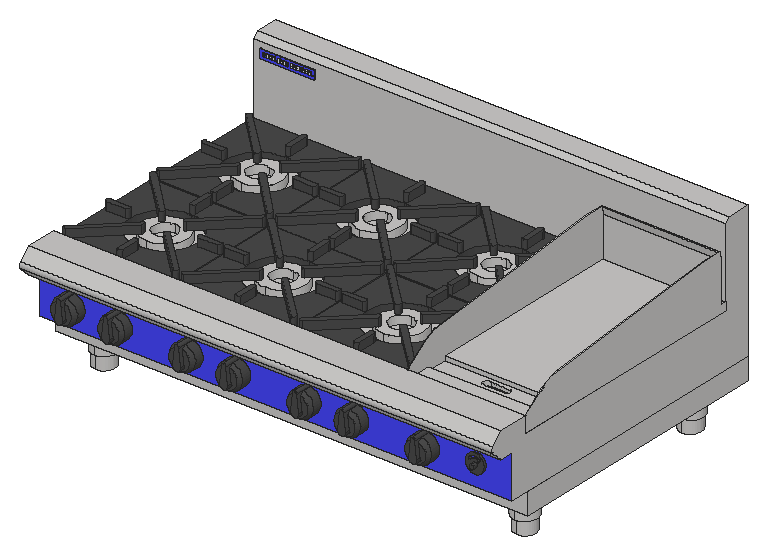
Revit family "QF_MOFFAT_BLUESEAL_CE_G518C-B", category Specialty Equipment, Revit 2012
Parameters
  Width = 1200 mm  # constant formula
  Weight in Pounds = 347  # constant formula
  URL Cutsheet = "www.moffat.com"
  URL = "www.moffat.com"
  Type Mark [instance] = ""
  Status [instance] = ""
  Specification by User [instance] = ""
  Specification by Manufacturer = ""
  Show Logo [instance] = yes
  Serial Number = ""
  Seismic Rating = ""
  SMACNA No = ""
  Revision Code [instance] = ""
  Omniclass Number and Title = ""
  NAFEM Spec ID Number = ""
  Model = "G518C-B"
  Mechanical Remarks [instance] = ""
  Mechanical Connection Type [instance] = ""
  Masterspec = ""
  Manufacturer = "MOFFAT BLUESEAL"
  Item Number [instance] = ""
  Installed By [instance] = ""
  Identify Quantity as Lot [instance] = yes
  Height = 485 mm  # constant formula
  Gas Size = 3/4"
  Gas RI Height [instance] = 0 mm
  Gas KW [instance] = 48
  Gas Input [instance] = 165000.0 Btu/h
  Gas Connection Height = 0 mm
  Furnished By [instance] = ""
  Foodservice Equipment Identifier [instance] = yes
  Description = "1200MM GAS COOK TOP BENCH MOUNT"
  Depth = 812 mm  # constant formula
  CSI MasterFormat = ""
  CSI Master Format = ""
Reference planes
  plane 1 "BACK": y = 0
  plane 2: z = 0
  plane 3 "LEFT": x = 0
  plane 4 "RIGHT": x = 1200
  plane 5 "FRONT": y = -812
  plane 6 "TOP": z = 370
  plane 7 "Center Y": x = 600
  plane 8 "Center X": y = -406
  plane 9: z = 485
  plane 10: z = 315
Forms (mm)
  Revolve 1, solid, material "QF_Finishes_Stainless Steel"
    sketch origin (65.5, -728, 0) x (0, 1, 0) y (0, 0, 1)
      loop
        line (71.25, 85) -> (71.25, 35) -> (75.5, 35) -> (75.5, 0) -> (103, 0) -> (103, 85) -> (71.25, 85)
      axis (103, 85) -> (103, 0)
    angle from 0 to 360
  Revolve 2, solid, material "QF_Finishes_Stainless Steel"
    sketch origin (65.5, -210, 0) x (0, 1, 0) y (0, 0, 1)
      loop
        line (78.25, 85) -> (78.25, 35) -> (82.5, 35) -> (82.5, 0) -> (110, 0) -> (110, 85) -> (78.25, 85)
      axis (110, 85) -> (110, 0)
    angle from 0 to 360
  Extrusion 3, solid, material "QF_Finishes_Stainless Steel"
    sketch origin (405, 3, -500) x (1, 0, 0) y (0, 1, 0)
      loop
        circle (665, -35) r 13.5
    from 555 to 585
  Revolve 4, solid, material "QF_Finishes_Black"
    sketch origin (89.999, 7, -0.127) x (0, 1, 0) y (0, 0, -1)
      loop
        line (-789, -229.5) -> (-766, -229.5) -> (-766, -202) -> (-756, -202) -> (-756, -197) -> (-800, -197) -> (-800, -223.651) -> (-789, -229.5)
      axis (-800, -197) -> (-756, -197)
    angle from 0 to 360
  Extrusion 5, solid, material "QF_Finishes_Black"
    sketch origin (228.269, 7, 0.031) x (-1, 0, 0) y (0, 0, -1)
      loop
        line (127.85, -186.163) -> (133.27, -229.082)
        arc (133.27, -229.082) -> (138.269, -233.969) -> (143.267, -229.082) r 5
        line (143.267, -229.082) -> (148.756, -184.996)
        arc (148.756, -184.996) -> (137.684, -174.498) -> (127.85, -186.163) r 10.487
    from 759 to 808
  Extrusion 6, solid, material "QF_Finishes_Stainless Steel"
    sketch origin (0, 0, 0) x (0, 1, 0) y (0, 0, 1)
      loop
        line (-784.97, 250) -> (-749, 250) -> (-749, 140) -> (0, 140) -> (0, 485) -> (-57.5, 485) -> (-70, 472.5) -> (-70, 275) -> (-705, 275) -> (-705, 315) -> (-783.97, 315) -> (-808.498, 290.472)
        arc (-808.498, 290.472) -> (-812.007, 282) -> (-808.498, 273.528) r 11.982
        line (-808.498, 273.528) -> (-784.97, 250)
      loop
        line (0, 85) -> (0, 139.206) -> (-699, 139.206) -> (-699, 85) -> (0, 85)
    from 0 to 1200
  Revolve 7, solid, material "QF_Finishes_Black"
    sketch origin (210, 7, 0) x (0, 1, 0) y (0, 0, -1)
      loop
        line (-789, -229.5) -> (-766, -229.5) -> (-766, -202) -> (-756, -202) -> (-756, -197) -> (-800, -197) -> (-800, -223.651) -> (-789, -229.5)
      axis (-800, -197) -> (-756, -197)
    angle from 0 to 360
  Extrusion 8, solid, material "QF_Finishes_Black"
    sketch origin (348.27, 7, 0.158) x (-1, 0, 0) y (0, 0, -1)
      loop
        line (127.85, -186.163) -> (133.27, -229.082)
        arc (133.27, -229.082) -> (138.269, -233.969) -> (143.267, -229.082) r 5
        line (143.267, -229.082) -> (148.756, -184.996)
        arc (148.756, -184.996) -> (137.684, -174.498) -> (127.85, -186.163) r 10.487
    from 759 to 808
  Revolve 9, solid, material "QF_Finishes_Stainless Steel"
    sketch origin (1134.5, -728, 0) x (0, 1, 0) y (0, 0, -1)
      loop
        line (71.25, -85) -> (103, -85) -> (103, 0) -> (75.5, 0) -> (75.5, -35) -> (71.25, -35) -> (71.25, -85)
      axis (103, -85) -> (103, 0)
    angle from 0 to 360
  Revolve 10, solid, material "QF_Finishes_Stainless Steel"
    sketch origin (1134.5, -210, 0) x (0, 1, 0) y (0, 0, -1)
      loop
        line (78.25, -85) -> (110, -85) -> (110, 0) -> (82.5, 0) -> (82.5, -35) -> (78.25, -35) -> (78.25, -85)
      axis (110, -85) -> (110, 0)
    angle from 0 to 360
  Revolve 11, solid, material "QF_Finishes_Black"
    sketch origin (389.999, 7, -0.127) x (0, 1, 0) y (0, 0, -1)
      loop
        line (-789, -229.5) -> (-766, -229.5) -> (-766, -202) -> (-756, -202) -> (-756, -197) -> (-800, -197) -> (-800, -223.651) -> (-789, -229.5)
      axis (-800, -197) -> (-756, -197)
    angle from 0 to 360
  Extrusion 12, solid, material "QF_Finishes_Black"
    sketch origin (528.269, 7, 0.031) x (-1, 0, 0) y (0, 0, -1)
      loop
        line (127.85, -186.163) -> (133.27, -229.082)
        arc (133.27, -229.082) -> (138.269, -233.969) -> (143.267, -229.082) r 5
        line (143.267, -229.082) -> (148.756, -184.996)
        arc (148.756, -184.996) -> (137.684, -174.498) -> (127.85, -186.163) r 10.487
    from 759 to 808
  Revolve 13, solid, material "QF_Finishes_Black"
    sketch origin (689.999, 7, -0.127) x (0, 1, 0) y (0, 0, -1)
      loop
        line (-789, -229.5) -> (-766, -229.5) -> (-766, -202) -> (-756, -202) -> (-756, -197) -> (-800, -197) -> (-800, -223.651) -> (-789, -229.5)
      axis (-800, -197) -> (-756, -197)
    angle from 0 to 360
  Extrusion 14, solid, material "QF_Finishes_Black"
    sketch origin (828.269, 7, 0.031) x (-1, 0, 0) y (0, 0, -1)
      loop
        line (127.85, -186.163) -> (133.27, -229.082)
        arc (133.27, -229.082) -> (138.269, -233.969) -> (143.267, -229.082) r 5
        line (143.267, -229.082) -> (148.756, -184.996)
        arc (148.756, -184.996) -> (137.684, -174.498) -> (127.85, -186.163) r 10.487
    from 759 to 808
  Revolve 15, solid, material "QF_Finishes_Black"
    sketch origin (989.999, 7, -0.127) x (0, 1, 0) y (0, 0, -1)
      loop
        line (-789, -229.5) -> (-766, -229.5) -> (-766, -202) -> (-756, -202) -> (-756, -197) -> (-800, -197) -> (-800, -223.651) -> (-789, -229.5)
      axis (-800, -197) -> (-756, -197)
    angle from 0 to 360
  Extrusion 16, solid, material "QF_Finishes_Black"
    sketch origin (1128.269, 7, 0.031) x (-1, 0, 0) y (0, 0, -1)
      loop
        line (127.85, -186.163) -> (133.27, -229.082)
        arc (133.27, -229.082) -> (138.269, -233.969) -> (143.267, -229.082) r 5
        line (143.267, -229.082) -> (148.756, -184.996)
        arc (148.756, -184.996) -> (137.684, -174.498) -> (127.85, -186.163) r 10.487
    from 759 to 808
  Extrusion 17, solid, material "QF_Finishes_Black"
    sketch origin (0, -749, 266) x (0, 0, -1) y (1, 0, 0)
      loop
        circle (69, 1110) r 23.9
      loop
        arc (61.641, 1118.419) -> (62.501, 1123.219) -> (57.701, 1124.079) r 3.448
        arc (57.701, 1124.079) -> (51.116, 1109.341) -> (58.919, 1095.209) r 18.095
        arc (58.919, 1095.209) -> (63.641, 1096.491) -> (62.326, 1101.204) r 3.448
        arc (62.326, 1101.204) -> (58.758, 1109.683) -> (61.641, 1118.419) r 13.109
    from 0 to 5
  Extrusion 18, solid, material "QF_Finishes_Black"
    sketch origin (0, -754, 266) x (0, 0, -1) y (1, 0, 0)
      loop
        circle (72.5, 1110) r 5.75
    from 0 to 10
  Revolve 19, solid, material "QF_Finishes_Black"
    sketch origin (510, 7, 0) x (0, 1, 0) y (0, 0, -1)
      loop
        line (-789, -229.5) -> (-766, -229.5) -> (-766, -202) -> (-756, -202) -> (-756, -197) -> (-800, -197) -> (-800, -223.651) -> (-789, -229.5)
      axis (-800, -197) -> (-756, -197)
    angle from 0 to 360
  Extrusion 20, solid, material "QF_Finishes_Black"
    sketch origin (648.27, 7, 0.158) x (-1, 0, 0) y (0, 0, -1)
      loop
        line (127.85, -186.163) -> (133.27, -229.082)
        arc (133.27, -229.082) -> (138.269, -233.969) -> (143.267, -229.082) r 5
        line (143.267, -229.082) -> (148.756, -184.996)
        arc (148.756, -184.996) -> (137.684, -174.498) -> (127.85, -186.163) r 10.487
    from 759 to 808
  Revolve 21, solid, material "QF_Finishes_Black"
    sketch origin (810, 7, 0) x (0, 1, 0) y (0, 0, -1)
      loop
        line (-789, -229.5) -> (-766, -229.5) -> (-766, -202) -> (-756, -202) -> (-756, -197) -> (-800, -197) -> (-800, -223.651) -> (-789, -229.5)
      axis (-800, -197) -> (-756, -197)
    angle from 0 to 360
  Extrusion 22, solid, material "QF_Finishes_Black"
    sketch origin (948.27, 7, 0.158) x (-1, 0, 0) y (0, 0, -1)
      loop
        line (127.85, -186.163) -> (133.27, -229.082)
        arc (133.27, -229.082) -> (138.269, -233.969) -> (143.267, -229.082) r 5
        line (143.267, -229.082) -> (148.756, -184.996)
        arc (148.756, -184.996) -> (137.684, -174.498) -> (127.85, -186.163) r 10.487
    from 759 to 808
Lines and regions (mm)
  Split face 1
    outline origin (0, 0, 485) x (0, -1, 0) y (1, 0, 0)
      loop
        arc (18.185, 32.794) -> (23.185, 24.134) -> (33.185, 24.134) r 10
        line (33.185, 24.134) -> (40.185, 28.176)
        arc (40.185, 28.176) -> (43.845, 31.836) -> (45.185, 36.836) r 10
        line (45.185, 36.836) -> (45.185, 264.794)
        arc (45.185, 264.794) -> (40.185, 273.455) -> (30.185, 273.455) r 10
        line (30.185, 273.455) -> (23.185, 269.413)
        arc (23.185, 269.413) -> (19.525, 265.753) -> (18.185, 260.753) r 10
        line (18.185, 260.753) -> (18.185, 32.794)
  Split face 2
    outline origin (0, 0, 485) x (0, -1, 0) y (1, 0, 0)
      loop
        arc (18.185, 332.794) -> (23.185, 324.134) -> (33.185, 324.134) r 10
        line (33.185, 324.134) -> (40.185, 328.176)
        arc (40.185, 328.176) -> (43.845, 331.836) -> (45.185, 336.836) r 10
        line (45.185, 336.836) -> (45.185, 564.794)
        arc (45.185, 564.794) -> (40.185, 573.455) -> (30.185, 573.455) r 10
        line (30.185, 573.455) -> (23.185, 569.413)
        arc (23.185, 569.413) -> (19.525, 565.753) -> (18.185, 560.753) r 10
        line (18.185, 560.753) -> (18.185, 332.794)
  Split face 3
    outline origin (0, 0, 485) x (0, -1, 0) y (1, 0, 0)
      loop
        arc (45.185, 1164.794) -> (40.185, 1173.455) -> (30.185, 1173.455) r 10
        line (30.185, 1173.455) -> (23.185, 1169.413)
        arc (23.185, 1169.413) -> (19.525, 1165.753) -> (18.185, 1160.753) r 10
        line (18.185, 1160.753) -> (18.185, 932.794)
        arc (18.185, 932.794) -> (23.185, 924.134) -> (33.185, 924.134) r 10
        line (33.185, 924.134) -> (40.185, 928.176)
        arc (40.185, 928.176) -> (43.845, 931.836) -> (45.185, 936.836) r 10
        line (45.185, 936.836) -> (45.185, 1164.794)
  Split face 4
    outline origin (0, 0, 485) x (0, -1, 0) y (1, 0, 0)
      loop
        line (45.185, 636.836) -> (45.185, 864.794)
        arc (45.185, 864.794) -> (40.185, 873.455) -> (30.185, 873.455) r 10
        line (30.185, 873.455) -> (23.185, 869.413)
        arc (23.185, 869.413) -> (19.525, 865.753) -> (18.185, 860.753) r 10
        line (18.185, 860.753) -> (18.185, 632.794)
        arc (18.185, 632.794) -> (23.185, 624.134) -> (33.185, 624.134) r 10
        line (33.185, 624.134) -> (40.185, 628.176)
        arc (40.185, 628.176) -> (43.845, 631.836) -> (45.185, 636.836) r 10
  symbolic lines
    curve 1: line (0, 0, 0) -> (0, -812, 0)
    curve 2: line (1200, 0, 0) -> (0, 0, 0)
    curve 3: line (1200, -812, 0) -> (1200, 0, 0)
    curve 4: line (0, -70, 0) -> (1200, -70, 0)
    curve 5: line (0, -812, 0) -> (1200, -812, 0)
    curve 6: line (1200, -705, 0) -> (0, -705, 0)
    curve 7: line (0, -783.97, 0) -> (1200, -783.97, 0)
    curve 8: line (36.836, -45.185, 0) -> (264.794, -45.185, 0)
    curve 9: arc (264.794, -45.185, 0) -> (273.455, -40.185, 0) -> (273.455, -30.185, 0) r 10
    curve 10: line (273.455, -30.185, 0) -> (269.413, -23.185, 0)
    curve 11: arc (269.413, -23.185, 0) -> (265.753, -19.525, 0) -> (260.753, -18.185, 0) r 10
    curve 12: line (260.753, -18.185, 0) -> (32.794, -18.185, 0)
    curve 13: arc (32.794, -18.185, 0) -> (24.134, -23.185, 0) -> (24.134, -33.185, 0) r 10
    curve 14: line (24.134, -33.185, 0) -> (28.176, -40.185, 0)
    curve 15: arc (28.176, -40.185, 0) -> (31.836, -43.845, 0) -> (36.836, -45.185, 0) r 10
    curve 16: line (336.836, -45.185, 0) -> (564.794, -45.185, 0)
    curve 17: arc (564.794, -45.185, 0) -> (573.455, -40.185, 0) -> (573.455, -30.185, 0) r 10
    curve 18: line (573.455, -30.185, 0) -> (569.413, -23.185, 0)
    curve 19: arc (569.413, -23.185, 0) -> (565.753, -19.525, 0) -> (560.753, -18.185, 0) r 10
    curve 20: line (560.753, -18.185, 0) -> (332.794, -18.185, 0)
    curve 21: arc (332.794, -18.185, 0) -> (324.134, -23.185, 0) -> (324.134, -33.185, 0) r 10
    curve 22: line (324.134, -33.185, 0) -> (328.176, -40.185, 0)
    curve 23: arc (328.176, -40.185, 0) -> (331.836, -43.845, 0) -> (336.836, -45.185, 0) r 10
    curve 24: line (0, -57.5, 0) -> (1200, -57.5, 0)
    curve 25: line (860.753, -18.185, 0) -> (632.794, -18.185, 0)
    curve 26: arc (632.794, -18.185, 0) -> (624.134, -23.185, 0) -> (624.134, -33.185, 0) r 10
    curve 27: line (624.134, -33.185, 0) -> (628.176, -40.185, 0)
    curve 28: arc (628.176, -40.185, 0) -> (631.836, -43.845, 0) -> (636.836, -45.185, 0) r 10
    curve 29: line (636.836, -45.185, 0) -> (864.794, -45.185, 0)
    curve 30: arc (864.794, -45.185, 0) -> (873.455, -40.185, 0) -> (873.455, -30.185, 0) r 10
    curve 31: line (873.455, -30.185, 0) -> (869.413, -23.185, 0)
    curve 32: arc (869.413, -23.185, 0) -> (865.753, -19.525, 0) -> (860.753, -18.185, 0) r 10
    curve 33: line (932.794, -18.185, 0) -> (1160.753, -18.185, 0)
    curve 34: arc (1160.753, -18.185, 0) -> (1165.753, -19.525, 0) -> (1169.413, -23.185, 0) r 10
    curve 35: line (1169.413, -23.185, 0) -> (1173.455, -30.185, 0)
    curve 36: arc (1173.455, -30.185, 0) -> (1173.455, -40.185, 0) -> (1164.794, -45.185, 0) r 10
    curve 37: line (1164.794, -45.185, 0) -> (936.836, -45.185, 0)
    curve 38: arc (936.836, -45.185, 0) -> (931.836, -43.845, 0) -> (928.176, -40.185, 0) r 10
    curve 39: line (928.176, -40.185, 0) -> (924.134, -33.185, 0)
    curve 40: arc (924.134, -33.185, 0) -> (924.134, -23.185, 0) -> (932.794, -18.185, 0) r 10
Dimensions and locks
  equal spacing: plane 3 "LEFT", plane 7 "Center Y", plane 4 "RIGHT"
  "Width": plane 3 "LEFT" to plane 4 "RIGHT"
  equal spacing: plane 5 "FRONT", plane 8 "Center X", plane 1 "BACK"
  "Depth": plane 5 "FRONT" to plane 1 "BACK"
  equal spacing: plane 4 "RIGHT", plane 7 "Center Y", plane 3 "LEFT"
  plane 4 "RIGHT" to plane 3 "LEFT" = 1200 mm
  Extrusion 3 to level = 55 mm
  Extrusion 3 to plane 1 "BACK" = 32 mm
  plane 5 "FRONT" to plane 1 "BACK" = 812 mm
  "Height": plane 9 to level
  plane 10 to level = 315 mm
  Extrusion 3 sketch curve to plane 4 "RIGHT" = 130 mm
  Extrusion 3 sketch curve to plane 1 "BACK" = 32 mm
  aligned and locked: level to plane 2
  aligned and locked: curve 3 to plane 4 "RIGHT"
  aligned and locked: Extrusion 6 to plane 4 "RIGHT"
Automatic sketch dimensions
  plane 1 "BACK" to curve 1 = 0 mm
  curve 1 to plane 3 "LEFT" = 0 mm
  plane 5 "FRONT" to curve 1 = 0 mm
  plane 3 "LEFT" to curve 14 = 24.134 mm
  curve 14 to curve 15 = 4.041 mm
  curve 13 to curve 13 = 8.66 mm
  curve 13 to curve 15 = 4.041 mm
  plane 1 "BACK" to curve 11 = 18.185 mm
  curve 15 to curve 11 = 223.917 mm
  curve 11 to curve 9 = 4.041 mm
  plane 1 "BACK" to curve 10 = 23.185 mm
  curve 11 to curve 10 = 8.66 mm
  curve 10 to curve 9 = 4.041 mm
  plane 1 "BACK" to curve 22 = 33.185 mm
  curve 9 to curve 22 = 50.679 mm
  plane 1 "BACK" to curve 22 = 40.185 mm
  curve 22 to curve 22 = 4.041 mm
  curve 21 to curve 21 = 8.66 mm
  curve 23 to curve 16 = 8.66 mm
  plane 1 "BACK" to curve 20 = 18.185 mm
  curve 20 to plane 7 "Center Y" = 39.247 mm
  curve 19 to curve 17 = 4.041 mm
  curve 20 to curve 19 = 8.66 mm
  curve 18 to curve 17 = 4.041 mm
  plane 7 "Center Y" to curve 26 = 24.134 mm
  curve 26 to curve 27 = 4.041 mm
  curve 26 to curve 26 = 8.66 mm
  curve 28 to curve 29 = 8.66 mm
  plane 1 "BACK" to curve 32 = 18.185 mm
  curve 28 to curve 32 = 223.917 mm
  curve 32 to curve 30 = 4.041 mm
  plane 1 "BACK" to curve 31 = 23.185 mm
  curve 32 to curve 31 = 8.66 mm
  plane 1 "BACK" to curve 31 = 30.185 mm
  curve 31 to curve 31 = 4.041 mm
  plane 1 "BACK" to curve 39 = 33.185 mm
  curve 31 to curve 39 = 50.679 mm
  curve 39 to curve 38 = 4.041 mm
  curve 39 to curve 33 = 8.66 mm
  curve 40 to curve 38 = 4.041 mm
  plane 1 "BACK" to curve 34 = 18.185 mm
  plane 4 "RIGHT" to curve 34 = 39.247 mm
  curve 34 to curve 37 = 4.041 mm
  plane 1 "BACK" to curve 35 = 23.185 mm
  curve 34 to curve 35 = 8.66 mm
  curve 34 to curve 35 = 4.041 mm
  curve 7 to plane 5 "FRONT" = 28.03 mm
  curve 7 to curve 6 = 78.97 mm
  curve 4 to curve 13 = 51.815 mm
  curve 4 to curve 24 = 12.5 mm
  curve 17 to curve 20 = 27 mm
  curve 15 to curve 12 = 27 mm
  curve 38 to curve 39 = 12 mm
  curve 29 to curve 30 = 15 mm
  curve 29 to curve 28 = 5 mm
  curve 8 to curve 14 = 5 mm
  curve 38 to curve 39 = 7 mm
  curve 17 to curve 17 = 10 mm
  curve 9 to curve 11 = 7 mm
  curve 36 to curve 34 = 7 mm
  curve 27 to curve 27 = 7 mm
  curve 15 to curve 13 = 7 mm
  curve 17 to curve 19 = 7 mm
  Revolve 1 sketch curve to level = 0 mm
  level to Revolve 1 sketch curve = 35 mm
  Revolve 1 sketch curve to plane 5 "FRONT" = 155.25 mm
  Revolve 1 sketch curve to Revolve 1 sketch curve = 4.25 mm
  Revolve 1 sketch curve to Revolve 1 sketch curve = 27.5 mm  (x2)
  Revolve 1 sketch curve to Revolve 1 sketch curve = 55 mm
  Revolve 1 sketch curve to Revolve 1 sketch curve = 15 mm
  Revolve 1 sketch curve to Revolve 1 sketch curve = 35 mm
  Revolve 2 sketch curve to level = 0 mm
  level to Revolve 2 sketch curve = 35 mm
  plane 1 "BACK" to Revolve 2 sketch curve = 131.75 mm
  Revolve 2 sketch curve to Revolve 2 sketch curve = 4.25 mm
  Revolve 2 sketch curve to Revolve 2 sketch curve = 27.5 mm  (x2)
  Revolve 2 sketch curve to Revolve 2 sketch curve = 55 mm
  Revolve 2 sketch curve to Revolve 2 sketch curve = 15 mm
  Revolve 2 sketch curve to Revolve 2 sketch curve = 35 mm
  Revolve 4 sketch curve to plane 5 "FRONT" = 19 mm
  Revolve 4 sketch curve to Revolve 4 sketch curve = 0 mm  (x2)
  Revolve 4 sketch curve to Revolve 4 sketch curve = 11 mm
  Revolve 4 sketch curve to Revolve 4 sketch curve = 12.7 mm
  Revolve 4 sketch curve to Revolve 4 sketch curve = 23 mm
  Revolve 4 sketch curve to Revolve 4 sketch curve = 10 mm
  Revolve 4 sketch curve to plane 10 = 85.627 mm
  Revolve 4 sketch curve to Revolve 4 sketch curve = 5.849 mm
  Revolve 4 sketch curve to Revolve 4 sketch curve = 27.5 mm
  Revolve 4 sketch curve to Revolve 4 sketch curve = 5 mm
  plane 3 "LEFT" to Extrusion 5 sketch curve = 100.419 mm
  Extrusion 5 sketch curve to Extrusion 5 sketch curve = 5.421 mm
  Extrusion 5 sketch curve to Extrusion 5 sketch curve = 10.419 mm
  Extrusion 5 sketch curve to Extrusion 5 sketch curve = 4.999 mm  (x2)
  Extrusion 5 sketch curve to Extrusion 5 sketch curve = 10.487 mm
  Extrusion 5 sketch curve to plane 10 = 85.887 mm
  Extrusion 5 sketch curve to Extrusion 5 sketch curve = 0.113 mm
  Extrusion 5 sketch curve to Extrusion 5 sketch curve = 42.919 mm
  Extrusion 5 sketch curve to Extrusion 5 sketch curve = 1.167 mm
  Extrusion 6 sketch curve to plane 10 = 0 mm
  plane 9 to Extrusion 6 sketch curve = 0 mm
  Extrusion 6 sketch curve to plane 1 "BACK" = 0 mm  (x2)
  plane 1 "BACK" to Extrusion 6 sketch curve = 57.5 mm
  plane 9 to Extrusion 6 sketch curve = 12.5 mm
  Extrusion 6 sketch curve to Extrusion 6 sketch curve = 12.5 mm
  Extrusion 6 sketch curve to plane 5 "FRONT" = 113 mm
  Extrusion 6 sketch curve to plane 5 "FRONT" = 107 mm
  Extrusion 6 sketch curve to Extrusion 6 sketch curve = 50 mm
  Extrusion 6 sketch curve to plane 5 "FRONT" = 28.03 mm
  Extrusion 6 sketch curve to plane 5 "FRONT" = 27.03 mm
  Extrusion 6 sketch curve to plane 5 "FRONT" = 11.975 mm
  Extrusion 6 sketch curve to plane 5 "FRONT" = 3.502 mm  (x2)
  Extrusion 6 sketch curve to plane 10 = 24.528 mm
  Extrusion 6 sketch curve to Extrusion 6 sketch curve = 8.472 mm
  Extrusion 6 sketch curve to Extrusion 6 sketch curve = 40 mm
  Extrusion 6 sketch curve to Extrusion 6 sketch curve = 23.528 mm
  Extrusion 6 sketch curve to Extrusion 6 sketch curve = 110 mm
  Extrusion 6 sketch curve to Extrusion 6 sketch curve = 0.794 mm
  Extrusion 6 sketch curve to Extrusion 6 sketch curve = 54.206 mm
  Split face 1 sketch curve to Extrusion 6 = 18.185 mm
  Split face 1 sketch curve to Split face 1 sketch curve = 5 mm  (x3)
  Split face 1 sketch curve to Split face 1 sketch curve = 10 mm  (x2)
  Split face 1 sketch curve to Split face 1 sketch curve = 7 mm  (x4)
  Split face 1 sketch curve to Extrusion 6 = 24.134 mm
  Split face 1 sketch curve to Split face 1 sketch curve = 4.041 mm  (x2)
  Split face 1 sketch curve to Split face 1 sketch curve = 223.917 mm
  Split face 2 sketch curve to Extrusion 6 = 18.185 mm
  Split face 2 sketch curve to Split face 2 sketch curve = 5 mm  (x4)
  Split face 2 sketch curve to Split face 2 sketch curve = 10 mm
  Split face 2 sketch curve to Split face 2 sketch curve = 7 mm  (x4)
  Split face 2 sketch curve to Extrusion 6 = 324.134 mm
  Split face 2 sketch curve to Split face 2 sketch curve = 4.041 mm  (x2)
  Split face 2 sketch curve to Split face 2 sketch curve = 223.917 mm
  Split face 3 sketch curve to Extrusion 6 = 18.185 mm
  Split face 3 sketch curve to Split face 3 sketch curve = 5 mm  (x3)
  Split face 3 sketch curve to Split face 3 sketch curve = 10 mm  (x2)
  Split face 3 sketch curve to Split face 3 sketch curve = 7 mm  (x4)
  Split face 3 sketch curve to Extrusion 6 = 275.866 mm
  Split face 3 sketch curve to Split face 3 sketch curve = 4.041 mm  (x2)
  Split face 3 sketch curve to Extrusion 6 = 39.247 mm
  Revolve 7 sketch curve to plane 5 "FRONT" = 19 mm
  Revolve 7 sketch curve to Revolve 7 sketch curve = 0 mm  (x2)
  Revolve 7 sketch curve to Revolve 7 sketch curve = 11 mm
  Revolve 7 sketch curve to Revolve 7 sketch curve = 12.7 mm
  Revolve 7 sketch curve to Revolve 7 sketch curve = 23 mm
  Revolve 7 sketch curve to Revolve 7 sketch curve = 10 mm
  Revolve 7 sketch curve to plane 10 = 85.5 mm
  Revolve 7 sketch curve to Revolve 7 sketch curve = 5.849 mm
  Revolve 7 sketch curve to Revolve 7 sketch curve = 27.5 mm
  Revolve 7 sketch curve to Revolve 7 sketch curve = 5 mm
  plane 3 "LEFT" to Extrusion 8 sketch curve = 220.42 mm
  Extrusion 8 sketch curve to Extrusion 8 sketch curve = 5.421 mm
  Extrusion 8 sketch curve to Extrusion 8 sketch curve = 10.419 mm
  Extrusion 8 sketch curve to Extrusion 8 sketch curve = 4.999 mm  (x2)
  Extrusion 8 sketch curve to plane 10 = 85.76 mm
  Extrusion 8 sketch curve to Extrusion 8 sketch curve = 10.487 mm
  Extrusion 8 sketch curve to Extrusion 8 sketch curve = 0.113 mm
  Extrusion 8 sketch curve to Extrusion 8 sketch curve = 42.919 mm
  Extrusion 8 sketch curve to Extrusion 8 sketch curve = 1.167 mm
  Revolve 9 sketch curve to level = 0 mm
  level to Revolve 9 sketch curve = 35 mm
  Revolve 9 sketch curve to plane 5 "FRONT" = 155.25 mm
  Revolve 9 sketch curve to Revolve 9 sketch curve = 4.25 mm
  Revolve 9 sketch curve to Revolve 9 sketch curve = 27.5 mm  (x2)
  Revolve 9 sketch curve to Revolve 9 sketch curve = 15 mm
  Revolve 9 sketch curve to Revolve 9 sketch curve = 35 mm
  Revolve 9 sketch curve to level = 55 mm
  Revolve 10 sketch curve to level = 0 mm
  level to Revolve 10 sketch curve = 35 mm
  plane 1 "BACK" to Revolve 10 sketch curve = 131.75 mm
  Revolve 10 sketch curve to Revolve 10 sketch curve = 4.25 mm
  Revolve 10 sketch curve to Revolve 10 sketch curve = 27.5 mm  (x2)
  Revolve 10 sketch curve to Revolve 10 sketch curve = 15 mm
  Revolve 10 sketch curve to Revolve 10 sketch curve = 35 mm
  Revolve 10 sketch curve to level = 55 mm
  Revolve 11 sketch curve to plane 5 "FRONT" = 19 mm
  Revolve 11 sketch curve to Revolve 11 sketch curve = 0 mm  (x2)
  Revolve 11 sketch curve to Revolve 11 sketch curve = 11 mm
  Revolve 11 sketch curve to Revolve 11 sketch curve = 12.7 mm
  Revolve 11 sketch curve to Revolve 11 sketch curve = 23 mm
  Revolve 11 sketch curve to Revolve 11 sketch curve = 10 mm
  Revolve 11 sketch curve to plane 10 = 85.627 mm
  Revolve 11 sketch curve to Revolve 11 sketch curve = 5.849 mm
  Revolve 11 sketch curve to Revolve 11 sketch curve = 27.5 mm
  Revolve 11 sketch curve to Revolve 11 sketch curve = 5 mm
  Extrusion 12 sketch curve to plane 7 "Center Y" = 199.581 mm
  Extrusion 12 sketch curve to Extrusion 12 sketch curve = 5.421 mm
  Extrusion 12 sketch curve to Extrusion 12 sketch curve = 10.419 mm
  Extrusion 12 sketch curve to Extrusion 12 sketch curve = 4.999 mm  (x2)
  Extrusion 12 sketch curve to plane 10 = 85.887 mm
  Extrusion 12 sketch curve to Extrusion 12 sketch curve = 10.487 mm
  Extrusion 12 sketch curve to Extrusion 12 sketch curve = 0.113 mm
  Extrusion 12 sketch curve to Extrusion 12 sketch curve = 42.919 mm
  Extrusion 12 sketch curve to Extrusion 12 sketch curve = 1.167 mm
  Revolve 13 sketch curve to plane 5 "FRONT" = 19 mm
  Revolve 13 sketch curve to Revolve 13 sketch curve = 0 mm  (x2)
  Revolve 13 sketch curve to Revolve 13 sketch curve = 11 mm
  Revolve 13 sketch curve to Revolve 13 sketch curve = 12.7 mm
  Revolve 13 sketch curve to Revolve 13 sketch curve = 23 mm
  Revolve 13 sketch curve to Revolve 13 sketch curve = 10 mm
  Revolve 13 sketch curve to plane 10 = 85.627 mm
  Revolve 13 sketch curve to Revolve 13 sketch curve = 5.849 mm
  Revolve 13 sketch curve to Revolve 13 sketch curve = 27.5 mm
  Revolve 13 sketch curve to Revolve 13 sketch curve = 5 mm
  plane 7 "Center Y" to Extrusion 14 sketch curve = 100.419 mm
  Extrusion 14 sketch curve to Extrusion 14 sketch curve = 5.421 mm
  Extrusion 14 sketch curve to Extrusion 14 sketch curve = 10.419 mm
  Extrusion 14 sketch curve to Extrusion 14 sketch curve = 4.999 mm  (x2)
  Extrusion 14 sketch curve to Extrusion 14 sketch curve = 10.487 mm
  Extrusion 14 sketch curve to plane 10 = 85.887 mm
  Extrusion 14 sketch curve to Extrusion 14 sketch curve = 0.113 mm
  Extrusion 14 sketch curve to Extrusion 14 sketch curve = 42.919 mm
  Extrusion 14 sketch curve to Extrusion 14 sketch curve = 1.167 mm
  Revolve 15 sketch curve to plane 5 "FRONT" = 19 mm
  Revolve 15 sketch curve to Revolve 15 sketch curve = 0 mm  (x2)
  Revolve 15 sketch curve to Revolve 15 sketch curve = 11 mm
  Revolve 15 sketch curve to Revolve 15 sketch curve = 12.7 mm
  Revolve 15 sketch curve to Revolve 15 sketch curve = 23 mm
  Revolve 15 sketch curve to Revolve 15 sketch curve = 10 mm
  Revolve 15 sketch curve to plane 10 = 85.627 mm
  Revolve 15 sketch curve to Revolve 15 sketch curve = 5.849 mm
  Revolve 15 sketch curve to Revolve 15 sketch curve = 27.5 mm
  Revolve 15 sketch curve to Revolve 15 sketch curve = 5 mm
  plane 4 "RIGHT" to Extrusion 16 sketch curve = 199.581 mm
  Extrusion 16 sketch curve to Extrusion 16 sketch curve = 5.421 mm
  Extrusion 16 sketch curve to Extrusion 16 sketch curve = 10.419 mm
  Extrusion 16 sketch curve to Extrusion 16 sketch curve = 4.999 mm  (x2)
  Extrusion 16 sketch curve to plane 10 = 85.887 mm
  Extrusion 16 sketch curve to Extrusion 16 sketch curve = 10.487 mm
  Extrusion 16 sketch curve to Extrusion 16 sketch curve = 0.113 mm
  Extrusion 16 sketch curve to Extrusion 16 sketch curve = 42.919 mm
  Extrusion 16 sketch curve to Extrusion 16 sketch curve = 1.167 mm
  Split face 4 sketch curve to Extrusion 6 = 18.185 mm
  Split face 4 sketch curve to Split face 4 sketch curve = 5 mm  (x3)
  Split face 4 sketch curve to Split face 4 sketch curve = 10 mm  (x2)
  Split face 4 sketch curve to Split face 4 sketch curve = 7 mm  (x4)
  Split face 4 sketch curve to Extrusion 6 = 575.866 mm
  Split face 4 sketch curve to Split face 4 sketch curve = 4.041 mm  (x2)
  Split face 4 sketch curve to Split face 4 sketch curve = 223.917 mm
  Extrusion 6 to Extrusion 17 sketch curve = 41.701 mm
  Extrusion 17 sketch curve to Extrusion 17 sketch curve = 1.218 mm
  Extrusion 17 sketch curve to Extrusion 17 sketch curve = 1.97 mm  (x2)
  Extrusion 17 sketch curve to Extrusion 17 sketch curve = 1.724 mm
  Extrusion 17 sketch curve to Extrusion 17 sketch curve = 1.683 mm
  Extrusion 17 sketch curve to Extrusion 17 sketch curve = 6.674 mm
  Extrusion 17 sketch curve to Extrusion 17 sketch curve = 0.195 mm
  Extrusion 17 sketch curve to Extrusion 17 sketch curve = 2.662 mm
  Extrusion 6 to Extrusion 17 sketch curve = 104.791 mm
  Extrusion 17 sketch curve to Extrusion 17 sketch curve = 2.986 mm
  Extrusion 17 sketch curve to Extrusion 17 sketch curve = 8.796 mm
  Extrusion 17 sketch curve to Extrusion 17 sketch curve = 0.103 mm
  Extrusion 17 sketch curve to Extrusion 17 sketch curve = 0.102 mm
  Revolve 19 sketch curve to plane 5 "FRONT" = 19 mm
  Revolve 19 sketch curve to Revolve 19 sketch curve = 0 mm  (x2)
  Revolve 19 sketch curve to Revolve 19 sketch curve = 11 mm
  Revolve 19 sketch curve to Revolve 19 sketch curve = 12.7 mm
  Revolve 19 sketch curve to Revolve 19 sketch curve = 23 mm
  Revolve 19 sketch curve to Revolve 19 sketch curve = 10 mm
  Revolve 19 sketch curve to plane 10 = 85.5 mm
  Revolve 19 sketch curve to Revolve 19 sketch curve = 5.849 mm
  Revolve 19 sketch curve to Revolve 19 sketch curve = 27.5 mm
  Revolve 19 sketch curve to Revolve 19 sketch curve = 5 mm
  Extrusion 20 sketch curve to plane 7 "Center Y" = 79.58 mm
  Extrusion 20 sketch curve to Extrusion 20 sketch curve = 5.421 mm
  Extrusion 20 sketch curve to Extrusion 20 sketch curve = 10.419 mm
  Extrusion 20 sketch curve to Extrusion 20 sketch curve = 4.999 mm  (x2)
  Extrusion 20 sketch curve to plane 10 = 85.76 mm
  Extrusion 20 sketch curve to Extrusion 20 sketch curve = 10.487 mm
  Extrusion 20 sketch curve to Extrusion 20 sketch curve = 0.113 mm
  Extrusion 20 sketch curve to Extrusion 20 sketch curve = 42.919 mm
  Extrusion 20 sketch curve to Extrusion 20 sketch curve = 1.167 mm
  Revolve 21 sketch curve to plane 5 "FRONT" = 19 mm
  Revolve 21 sketch curve to Revolve 21 sketch curve = 0 mm  (x2)
  Revolve 21 sketch curve to Revolve 21 sketch curve = 11 mm
  Revolve 21 sketch curve to Revolve 21 sketch curve = 12.7 mm
  Revolve 21 sketch curve to Revolve 21 sketch curve = 23 mm
  Revolve 21 sketch curve to Revolve 21 sketch curve = 10 mm
  Revolve 21 sketch curve to plane 10 = 85.5 mm
  Revolve 21 sketch curve to Revolve 21 sketch curve = 5.849 mm
  Revolve 21 sketch curve to Revolve 21 sketch curve = 27.5 mm
  Revolve 21 sketch curve to Revolve 21 sketch curve = 5 mm
  plane 7 "Center Y" to Extrusion 22 sketch curve = 220.42 mm
  Extrusion 22 sketch curve to Extrusion 22 sketch curve = 5.421 mm
  Extrusion 22 sketch curve to Extrusion 22 sketch curve = 10.419 mm
  Extrusion 22 sketch curve to Extrusion 22 sketch curve = 4.999 mm  (x2)
  Extrusion 22 sketch curve to plane 10 = 85.76 mm
  Extrusion 22 sketch curve to Extrusion 22 sketch curve = 10.487 mm
  Extrusion 22 sketch curve to Extrusion 22 sketch curve = 0.113 mm
  Extrusion 22 sketch curve to Extrusion 22 sketch curve = 42.919 mm
  Extrusion 22 sketch curve to Extrusion 22 sketch curve = 1.167 mm
  radius of Extrusion 3 sketch curve = 13.5 mm
  radius of Extrusion 17 sketch curve = 23.9 mm
  radius of Extrusion 18 sketch curve = 5.75 mm
Nested families
  nested 1: "WALDORF LOGO_FACE BASE" at (18.6, -70, 458.604) x (1, 0, 0) z (0, -1, 0), visible <- "Show Logo", type "WALDORF LOGO_FACE BASE", detail levels medium+fine
    with Show Logo yes
  nested 2: "GAS BURNER 900 & GRIDDLE 300" at (0, -70, 275), type "GAS BURNER 900 & GRIDDLE 300"
    with Width 1200 mm, Type Mark "", Status "", Specification by User "", Revision Code "", Item Number "", Installed By "", Identify Quantity as Lot yes, Furnished By "", Foodservice Equipment Identifier yes, Depth 635 mm
Connectors
  piping at (1070, -32, 55)
    settings: on Extrusion 3, index 1, connector radius 0.37402", flow factor 0, pipe flow 0 GPM, pressure drop 0.00 psi, fitting loss kfactor 0, connector angle 0.00°, fixture units 0, engagement length 0 mm, flow configuration 1, flow direction 1, fitting loss method 0, system type 7, joint type 0, gender type 0, connector reference index -1, connector utility 0, adjustable connector no, is connector primary yes, fitting loss table "", connector description "GAS CONNECTION"
Definition of nested family "WALDORF LOGO_FACE BASE"
  Parameters (values of type "WALDORF LOGO_FACE BASE")
    Show Logo [instance] = yes
    Default Elevation = 1219.2 mm
  Reference planes
    plane 1 "Center (Front/Back)": y = 0
    plane 2: z = 0
    plane 3 "Center (Left/Right)": x = 0
  Forms (mm)
    Extrusion 1, solid
      sketch origin (0, 0, 0) x (1, 0, 0) y (0, 1, 0)
        loop
          line (-1219.2, 1219.2) -> (-1219.2, -1219.2) -> (1219.2, -1219.2) -> (1219.2, 1219.2) -> (-1219.2, 1219.2)
      from 0 to -304.8
    Extrusion 2, solid, material "QF_Finishes_Blue", visible <- "Show Logo"
      sketch origin (0, -33.217, 0) x (1, 0, 0) y (0, 1, 0)
        loop
          arc (138, 31.942) -> (137.626, 32.844) -> (136.724, 33.217) r 1.276
          line (136.724, 33.217) -> (1.29, 33.217)
          arc (1.29, 33.217) -> (0.378, 32.839) -> (0, 31.927) r 1.29
          line (0, 31.927) -> (0, 11.507)
          arc (0, 11.507) -> (0.378, 10.595) -> (1.29, 10.217) r 1.29
          line (1.29, 10.217) -> (136.71, 10.217)
          arc (136.71, 10.217) -> (137.622, 10.595) -> (138, 11.507) r 1.29
          line (138, 11.507) -> (138, 31.942)
      from 0 to 1.588
    Extrusion 3, solid, material "QF_Finishes_White", visible <- "Show Logo"
      sketch origin (0, -33.217, 1.588) x (1, 0, 0) y (0, 1, 0)
        loop
          arc (108.946, 25.919) -> (107.613, 25.367) -> (107.061, 24.034) r 1.885
          line (107.061, 24.034) -> (107.061, 17.211) -> (112.704, 17.211) -> (112.704, 19.129) -> (115.546, 19.129) -> (115.546, 17.211) -> (121.584, 17.211) -> (121.584, 24.075)
          arc (121.584, 24.075) -> (121.043, 25.379) -> (119.739, 25.919) r 1.845
          line (119.739, 25.919) -> (108.946, 25.919)
        loop
          line (123.478, 25.919) -> (123.478, 17.163) -> (134.904, 17.163) -> (134.904, 19.129) -> (129.246, 19.129) -> (129.246, 25.919) -> (123.478, 25.919)
        loop
          line (112.704, 21.258) -> (115.546, 21.258) -> (115.546, 22.702)
          arc (115.546, 22.702) -> (115.344, 23.188) -> (114.858, 23.389) r 0.687
          line (114.858, 23.389) -> (113.363, 23.389)
          arc (113.363, 23.389) -> (112.897, 23.196) -> (112.704, 22.73) r 0.658
          line (112.704, 22.73) -> (112.704, 21.258)
        loop
          line (105.071, 25.919) -> (93.771, 25.919) -> (93.771, 17.163) -> (105.071, 17.163) -> (105.071, 19.063) -> (99.535, 19.063) -> (99.535, 20.437) -> (105.071, 20.437) -> (105.071, 22.278) -> (99.535, 22.278) -> (99.535, 23.587) -> (105.071, 23.587) -> (105.071, 25.919)
        loop
          line (91.104, 25.919) -> (79.541, 25.919)
          arc (79.541, 25.919) -> (78.558, 25.513) -> (78.152, 24.53) r 1.389
          line (78.152, 24.53) -> (78.152, 22.08)
          arc (78.152, 22.08) -> (78.558, 21.098) -> (79.541, 20.691) r 1.389
          line (79.541, 20.691) -> (86.346, 20.691) -> (86.346, 18.864) -> (83.266, 18.864) -> (83.266, 19.664) -> (78.152, 19.664) -> (78.152, 18.553)
          arc (78.152, 18.553) -> (78.558, 17.57) -> (79.541, 17.163) r 1.389
          line (79.541, 17.163) -> (91.063, 17.163)
          arc (91.063, 17.163) -> (92.045, 17.57) -> (92.452, 18.553) r 1.389
          line (92.452, 18.553) -> (92.452, 20.691)
          arc (92.452, 20.691) -> (92.045, 21.673) -> (91.063, 22.08) r 1.389
          line (91.063, 22.08) -> (83.266, 22.08) -> (83.266, 23.984) -> (86.346, 23.984) -> (86.346, 22.743) -> (92.452, 22.743) -> (92.452, 24.571)
          arc (92.452, 24.571) -> (92.057, 25.524) -> (91.104, 25.919) r 1.348
        loop
          line (70.705, 25.919) -> (59.405, 25.919) -> (59.405, 17.163) -> (70.705, 17.163) -> (70.705, 19.063) -> (65.169, 19.063) -> (65.169, 20.437) -> (70.705, 20.437) -> (70.705, 22.278) -> (65.169, 22.278) -> (65.169, 23.587) -> (70.705, 23.587) -> (70.705, 25.919)
        loop
          line (57.598, 25.919) -> (51.7, 25.919) -> (51.7, 20.18)
          arc (51.7, 20.18) -> (50.63, 19.11) -> (49.56, 20.18) r 1.07
          line (49.56, 20.18) -> (49.56, 25.919) -> (43.663, 25.919) -> (43.663, 19.049)
          arc (43.663, 19.049) -> (44.215, 17.716) -> (45.548, 17.163) r 1.885
          line (45.548, 17.163) -> (55.71, 17.163)
          arc (55.71, 17.163) -> (57.045, 17.716) -> (57.598, 19.051) r 1.887
          line (57.598, 19.051) -> (57.598, 25.919)
        loop
          line (31.62, 25.919) -> (31.62, 17.163) -> (43.046, 17.163) -> (43.046, 19.129) -> (37.388, 19.129) -> (37.388, 25.919) -> (31.62, 25.919)
        loop
          line (15.969, 25.919) -> (15.969, 17.163) -> (28.693, 17.163)
          arc (28.693, 17.163) -> (29.812, 17.627) -> (30.276, 18.746) r 1.582
          line (30.276, 18.746) -> (30.276, 20.447) -> (29.48, 21.243) -> (30.276, 22.039) -> (30.276, 24.332)
          arc (30.276, 24.332) -> (29.811, 25.454) -> (28.688, 25.919) r 1.587
          line (28.688, 25.919) -> (15.969, 25.919)
        loop
          line (21.449, 24.159) -> (21.449, 22.436) -> (23.862, 22.436)
          arc (23.862, 22.436) -> (24.723, 23.298) -> (23.862, 24.159) r 0.861
          line (23.862, 24.159) -> (21.449, 24.159)
        loop
          line (21.449, 20.244) -> (21.449, 18.522) -> (23.862, 18.522)
          arc (23.862, 18.522) -> (24.723, 19.383) -> (23.862, 20.244) r 0.861
          line (23.862, 20.244) -> (21.449, 20.244)
      from 0 to 0.2
    Extrusion 4, solid, material "QF_Finishes_Blue", visible <- "Show Logo"
      sketch origin (-126.498, -31.09, 1.588) x (1, 0, 0) y (0, 1, 0)
        loop
          line (136.738, 23.522) -> (136.738, 15.1)
          arc (136.738, 15.1) -> (140.756, 19.311) -> (136.738, 23.522) r 4.216
      from 0 to 0.2
    Extrusion 5, solid, material "QF_Finishes_Red", visible <- "Show Logo"
      sketch origin (146.849, -31.09, 1.588) x (-1, 0, 0) y (0, -1, 0)
        loop
          arc (136.738, -23.522) -> (140.756, -19.311) -> (136.738, -15.1) r 4.216
          line (136.738, -15.1) -> (136.738, -23.522)
      from 0 to 0.2
  Lines and regions (mm)
    Split face 1
      outline origin (-90.35, -30.793, 1.588) x (1, 0, 0) y (0, 1, 0)
        loop
          circle (100.54, 19.013) r 4.536
  Dimensions and locks
    aligned and locked: plane 2 to Extrusion 1
    aligned and locked: level to Extrusion 1
Definition of nested family "GAS BURNER 900 & GRIDDLE 300"
  Parameters (values of type "GAS BURNER 900 & GRIDDLE 300")
    Width [instance] = 1200 mm
    Weight in Pounds = 0
    URL Cutsheet = ""
    Type Mark [instance] = ""
    Status [instance] = ""
    Specification by User [instance] = ""
    Specification by Manufacturer = ""
    Serial Number = ""
    Seismic Rating = ""
    SMACNA No = ""
    Revision Code [instance] = ""
    Omniclass Number and Title = ""
    NAFEM Spec ID Number = ""
    Masterspec = ""
    Item Number [instance] = ""
    Installed By [instance] = ""
    Identify Quantity as Lot [instance] = yes
    Furnished By [instance] = ""
    Foodservice Equipment Identifier [instance] = yes
    Depth [instance] = 635 mm
    CSI MasterFormat = ""
    CSI Master Format = ""
  Reference planes
    plane 1 "BACK": y = 0
    plane 2: z = 0
    plane 3 "LEFT": x = 0
    plane 4 "RIGHT": x = 1200
    plane 5 "FRONT": y = -635
    plane 6 "TOP": z = 142.5
    plane 7 "Center Y": x = 600
    plane 8 "Center X": y = -317.5
  Dimensions and locks
    equal spacing: plane 3 "LEFT", plane 7 "Center Y", plane 4 "RIGHT"
    "Width": plane 3 "LEFT" to plane 4 "RIGHT"
    equal spacing: plane 5 "FRONT", plane 8 "Center X", plane 1 "BACK"
    "Depth": plane 5 "FRONT" to plane 1 "BACK"
    aligned and locked: level to plane 2
  Nested families
    nested 1: "GAS BURNER 900" at (-1, 0, 0), type "GAS BURNER 900"
      with Width 900 mm, Type Mark "", Status "", Specification by User "", Revision Code "", Item Number "", Installed By "", Identify Quantity as Lot yes, Furnished By "", Foodservice Equipment Identifier yes, Depth 635 mm
    nested 2: "GAS GRIDDLE PLATE 600" at (900, -15, 0), type "GAS GRIDDLE PLATE 600"
      with Width 300 mm, Type Mark "", Status "", Specification by User "", Revision Code "", Item Number "", Installed By "", Identify Quantity as Lot yes, Furnished By "", Foodservice Equipment Identifier yes, Depth 620 mm
  Definition of nested family "GAS BURNER 900"
    Parameters (values of type "GAS BURNER 900")
      Width [instance] = 900 mm
      Weight in Pounds = 0
      URL Cutsheet = ""
      Type Mark [instance] = ""
      Status [instance] = ""
      Specification by User [instance] = ""
      Specification by Manufacturer = ""
      Serial Number = ""
      Seismic Rating = ""
      SMACNA No = ""
      Revision Code [instance] = ""
      Omniclass Number and Title = ""
      NAFEM Spec ID Number = ""
      Masterspec = ""
      Item Number [instance] = ""
      Installed By [instance] = ""
      Identify Quantity as Lot [instance] = yes
      Furnished By [instance] = ""
      Foodservice Equipment Identifier [instance] = yes
      Depth [instance] = 635 mm
      CSI MasterFormat = ""
      CSI Master Format = ""
    Reference planes
      plane 1 "BACK": y = 0
      plane 2: z = 0
      plane 3 "LEFT": x = 0
      plane 4 "RIGHT": x = 900
      plane 5 "FRONT": y = -635
      plane 6 "TOP": z = 142.5
      plane 7 "Center Y": x = 450
      plane 8 "Center X": y = -317.5
    Forms (mm)
      Extrusion 1, solid, material "QF_Finishes_Black"
        sketch origin (0, 0, 0) x (0, -1, 0) y (1, 0, 0)
          loop
            line (318.5, 4) -> (318.5, 296)
            arc (318.5, 296) -> (317.621, 298.121) -> (315.5, 299) r 3
            line (315.5, 299) -> (3, 299)
            arc (3, 299) -> (0.879, 298.121) -> (0, 296) r 3
            line (0, 296) -> (0, 4)
            arc (0, 4) -> (0.879, 1.879) -> (3, 1) r 3
            line (3, 1) -> (315.5, 1)
            arc (315.5, 1) -> (317.621, 1.879) -> (318.5, 4) r 3
          loop
            line (324.5, 1) -> (632, 1)
            arc (632, 1) -> (634.121, 1.879) -> (635, 4) r 3
            line (635, 4) -> (635, 296)
            arc (635, 296) -> (634.121, 298.121) -> (632, 299) r 3
            line (632, 299) -> (324.5, 299)
            arc (324.5, 299) -> (322.379, 298.121) -> (321.5, 296) r 3
            line (321.5, 296) -> (321.5, 4)
            arc (321.5, 4) -> (322.379, 1.879) -> (324.5, 1) r 3
          loop
            circle (168.5, 149.991) r 84.082
          loop
            circle (468.5, 149.991) r 84.082
        from 0 to 19.5
      Extrusion 2, solid, material "QF_Finishes_Black"
        sketch origin (0, 0, 19.5) x (0, -1, 0) y (1, 0, 0)
          loop
            spline (326.102, 15.153) -> (325.181, 13.924) -> (324.631, 12.47) -> (324.49, 10.89) -> (324.767, 9.292) -> (325.443, 7.786) -> (326.473, 6.473) -> (327.786, 5.443) -> (329.292, 4.767) -> (330.89, 4.49) -> (332.47, 4.631) -> (333.924, 5.181) -> (335.153, 6.102)
            line (335.153, 6.102) -> (443.076, 114.025)
            spline (443.076, 114.025) -> (443.837, 115.095) -> (444.238, 116.399) -> (444.251, 117.851) -> (443.875, 119.35) -> (443.137, 120.795) -> (442.086, 122.086) -> (440.795, 123.137) -> (439.35, 123.875) -> (437.851, 124.251) -> (436.399, 124.238) -> (435.095, 123.837) -> (434.025, 123.076)
            line (434.025, 123.076) -> (326.102, 15.153)
          loop
            spline (328.898, 156.4) -> (327.604, 156.182) -> (326.398, 155.543) -> (325.362, 154.525) -> (324.568, 153.2) -> (324.068, 151.656) -> (323.898, 150) -> (324.068, 148.344) -> (324.568, 146.8) -> (325.362, 145.475) -> (326.398, 144.457) -> (327.604, 143.818) -> (328.898, 143.6)
            line (328.898, 143.6) -> (378.102, 143.6)
            spline (378.102, 143.6) -> (379.396, 143.818) -> (380.602, 144.457) -> (381.638, 145.475) -> (382.432, 146.8) -> (382.932, 148.344) -> (383.102, 150) -> (382.932, 151.656) -> (382.432, 153.2) -> (381.638, 154.525) -> (380.602, 155.543) -> (379.396, 156.182) -> (378.102, 156.4)
            line (378.102, 156.4) -> (328.898, 156.4)
          loop
            spline (335.153, 293.898) -> (334.084, 294.659) -> (332.779, 295.059) -> (331.328, 295.072) -> (329.829, 294.697) -> (328.384, 293.959) -> (327.092, 292.908) -> (326.041, 291.616) -> (325.303, 290.171) -> (324.928, 288.672) -> (324.941, 287.221) -> (325.341, 285.916) -> (326.102, 284.847)
            line (326.102, 284.847) -> (434.025, 176.924)
            spline (434.025, 176.924) -> (435.095, 176.163) -> (436.399, 175.762) -> (437.851, 175.749) -> (439.35, 176.125) -> (440.795, 176.863) -> (442.086, 177.914) -> (443.137, 179.205) -> (443.875, 180.65) -> (444.251, 182.149) -> (444.238, 183.601) -> (443.837, 184.905) -> (443.076, 185.975)
            line (443.076, 185.975) -> (335.153, 293.898)
          loop
            line (463.6, 291.102) -> (463.6, 241.898)
            spline (463.6, 241.898) -> (463.818, 240.604) -> (464.457, 239.398) -> (465.475, 238.362) -> (466.8, 237.568) -> (468.344, 237.068) -> (470, 236.898) -> (471.656, 237.068) -> (473.2, 237.568) -> (474.525, 238.362) -> (475.543, 239.398) -> (476.182, 240.604) -> (476.4, 241.898)
            line (476.4, 241.898) -> (476.4, 291.102)
            spline (476.4, 291.102) -> (476.182, 292.396) -> (475.543, 293.602) -> (474.525, 294.638) -> (473.2, 295.432) -> (471.656, 295.932) -> (470, 296.102) -> (468.344, 295.932) -> (466.8, 295.432) -> (465.475, 294.638) -> (464.457, 293.602) -> (463.818, 292.396) -> (463.6, 291.102)
          loop
            spline (612.398, 284.847) -> (613.159, 285.916) -> (613.559, 287.221) -> (613.572, 288.672) -> (613.197, 290.171) -> (612.459, 291.616) -> (611.408, 292.908) -> (610.116, 293.959) -> (608.671, 294.697) -> (607.172, 295.072) -> (605.721, 295.059) -> (604.416, 294.659) -> (603.347, 293.898)
            line (603.347, 293.898) -> (496.924, 185.975)
            spline (496.924, 185.975) -> (496.163, 184.905) -> (495.762, 183.601) -> (495.749, 182.149) -> (496.125, 180.65) -> (496.863, 179.205) -> (497.914, 177.914) -> (499.205, 176.863) -> (500.65, 176.125) -> (502.149, 175.749) -> (503.601, 175.762) -> (504.905, 176.163) -> (505.975, 176.924)
            line (505.975, 176.924) -> (612.398, 284.847)
          loop
            spline (609.602, 143.6) -> (610.896, 143.818) -> (612.102, 144.457) -> (613.138, 145.475) -> (613.932, 146.8) -> (614.432, 148.344) -> (614.602, 150) -> (614.432, 151.656) -> (613.932, 153.2) -> (613.138, 154.525) -> (612.102, 155.543) -> (610.896, 156.182) -> (609.602, 156.4)
            line (609.602, 156.4) -> (561.898, 156.4)
            spline (561.898, 156.4) -> (560.604, 156.182) -> (559.398, 155.543) -> (558.362, 154.525) -> (557.568, 153.2) -> (557.068, 151.656) -> (556.898, 150) -> (557.068, 148.344) -> (557.568, 146.8) -> (558.362, 145.475) -> (559.398, 144.457) -> (560.604, 143.818) -> (561.898, 143.6)
            line (561.898, 143.6) -> (609.602, 143.6)
          loop
            line (612.398, 15.153) -> (505.975, 123.076)
            spline (505.975, 123.076) -> (504.905, 123.837) -> (503.601, 124.238) -> (502.149, 124.251) -> (500.65, 123.875) -> (499.205, 123.137) -> (497.914, 122.086) -> (496.863, 120.795) -> (496.125, 119.35) -> (495.749, 117.851) -> (495.762, 116.399) -> (496.163, 115.095) -> (496.924, 114.025)
            line (496.924, 114.025) -> (603.347, 6.102)
            spline (603.347, 6.102) -> (604.416, 5.341) -> (605.721, 4.941) -> (607.172, 4.928) -> (608.671, 5.303) -> (610.116, 6.041) -> (611.408, 7.092) -> (612.459, 8.384) -> (613.197, 9.829) -> (613.572, 11.328) -> (613.559, 12.779) -> (613.159, 14.084) -> (612.398, 15.153)
          loop
            line (476.4, 8.898) -> (476.4, 58.102)
            spline (476.4, 58.102) -> (476.182, 59.396) -> (475.543, 60.602) -> (474.525, 61.638) -> (473.2, 62.432) -> (471.656, 62.932) -> (470, 63.102) -> (468.344, 62.932) -> (466.8, 62.432) -> (465.475, 61.638) -> (464.457, 60.602) -> (463.818, 59.396) -> (463.6, 58.102)
            line (463.6, 58.102) -> (463.6, 8.898)
            spline (463.6, 8.898) -> (463.818, 7.604) -> (464.457, 6.398) -> (465.475, 5.362) -> (466.8, 4.568) -> (468.344, 4.068) -> (470, 3.898) -> (471.656, 4.068) -> (473.2, 4.568) -> (474.525, 5.362) -> (475.543, 6.398) -> (476.182, 7.604) -> (476.4, 8.898)
          loop
            spline (22.602, 15.153) -> (21.681, 13.924) -> (21.131, 12.47) -> (20.99, 10.89) -> (21.267, 9.292) -> (21.943, 7.786) -> (22.973, 6.473) -> (24.286, 5.443) -> (25.792, 4.767) -> (27.39, 4.49) -> (28.97, 4.631) -> (30.424, 5.181) -> (31.653, 6.102)
            line (31.653, 6.102) -> (139.576, 114.025)
            spline (139.576, 114.025) -> (140.337, 115.095) -> (140.738, 116.399) -> (140.751, 117.851) -> (140.375, 119.35) -> (139.637, 120.795) -> (138.586, 122.086) -> (137.295, 123.137) -> (135.85, 123.875) -> (134.351, 124.251) -> (132.899, 124.238) -> (131.595, 123.837) -> (130.525, 123.076)
            line (130.525, 123.076) -> (22.602, 15.153)
          loop
            spline (25.398, 156.4) -> (24.104, 156.182) -> (22.898, 155.543) -> (21.862, 154.525) -> (21.068, 153.2) -> (20.568, 151.656) -> (20.398, 150) -> (20.568, 148.344) -> (21.068, 146.8) -> (21.862, 145.475) -> (22.898, 144.457) -> (24.104, 143.818) -> (25.398, 143.6)
            line (25.398, 143.6) -> (74.602, 143.6)
            spline (74.602, 143.6) -> (75.896, 143.818) -> (77.102, 144.457) -> (78.138, 145.475) -> (78.932, 146.8) -> (79.432, 148.344) -> (79.602, 150) -> (79.432, 151.656) -> (78.932, 153.2) -> (78.138, 154.525) -> (77.102, 155.543) -> (75.896, 156.182) -> (74.602, 156.4)
            line (74.602, 156.4) -> (25.398, 156.4)
          loop
            spline (31.653, 293.898) -> (30.584, 294.659) -> (29.279, 295.059) -> (27.828, 295.072) -> (26.329, 294.697) -> (24.884, 293.959) -> (23.592, 292.908) -> (22.541, 291.616) -> (21.803, 290.171) -> (21.428, 288.672) -> (21.441, 287.221) -> (21.841, 285.916) -> (22.602, 284.847)
            line (22.602, 284.847) -> (130.525, 176.924)
            spline (130.525, 176.924) -> (131.595, 176.163) -> (132.899, 175.762) -> (134.351, 175.749) -> (135.85, 176.125) -> (137.295, 176.863) -> (138.586, 177.914) -> (139.637, 179.205) -> (140.375, 180.65) -> (140.751, 182.149) -> (140.738, 183.601) -> (140.337, 184.905) -> (139.576, 185.975)
            line (139.576, 185.975) -> (31.653, 293.898)
          loop
            line (160.1, 291.102) -> (160.1, 241.898)
            spline (160.1, 241.898) -> (160.318, 240.604) -> (160.957, 239.398) -> (161.975, 238.362) -> (163.3, 237.568) -> (164.844, 237.068) -> (166.5, 236.898) -> (168.156, 237.068) -> (169.7, 237.568) -> (171.025, 238.362) -> (172.043, 239.398) -> (172.682, 240.604) -> (172.9, 241.898)
            line (172.9, 241.898) -> (172.9, 291.102)
            spline (172.9, 291.102) -> (172.682, 292.396) -> (172.043, 293.602) -> (171.025, 294.638) -> (169.7, 295.432) -> (168.156, 295.932) -> (166.5, 296.102) -> (164.844, 295.932) -> (163.3, 295.432) -> (161.975, 294.638) -> (160.957, 293.602) -> (160.318, 292.396) -> (160.1, 291.102)
          loop
            spline (313.898, 284.847) -> (314.659, 285.916) -> (315.059, 287.221) -> (315.072, 288.672) -> (314.697, 290.171) -> (313.959, 291.616) -> (312.908, 292.908) -> (311.616, 293.959) -> (310.171, 294.697) -> (308.672, 295.072) -> (307.221, 295.059) -> (305.916, 294.659) -> (304.847, 293.898)
            line (304.847, 293.898) -> (193.424, 185.975)
            spline (193.424, 185.975) -> (192.663, 184.905) -> (192.262, 183.601) -> (192.249, 182.149) -> (192.625, 180.65) -> (193.363, 179.205) -> (194.414, 177.914) -> (195.705, 176.863) -> (197.15, 176.125) -> (198.649, 175.749) -> (200.101, 175.762) -> (201.405, 176.163) -> (202.475, 176.924)
            line (202.475, 176.924) -> (313.898, 284.847)
          loop
            spline (311.102, 143.6) -> (312.396, 143.818) -> (313.602, 144.457) -> (314.638, 145.475) -> (315.432, 146.8) -> (315.932, 148.344) -> (316.102, 150) -> (315.932, 151.656) -> (315.432, 153.2) -> (314.638, 154.525) -> (313.602, 155.543) -> (312.396, 156.182) -> (311.102, 156.4)
            line (311.102, 156.4) -> (261.898, 156.4)
            spline (261.898, 156.4) -> (260.604, 156.182) -> (259.398, 155.543) -> (258.362, 154.525) -> (257.568, 153.2) -> (257.068, 151.656) -> (256.898, 150) -> (257.068, 148.344) -> (257.568, 146.8) -> (258.362, 145.475) -> (259.398, 144.457) -> (260.604, 143.818) -> (261.898, 143.6)
            line (261.898, 143.6) -> (311.102, 143.6)
          loop
            line (313.898, 15.153) -> (202.475, 123.076)
            spline (202.475, 123.076) -> (201.405, 123.837) -> (200.101, 124.238) -> (198.649, 124.251) -> (197.15, 123.875) -> (195.705, 123.137) -> (194.414, 122.086) -> (193.363, 120.795) -> (192.625, 119.35) -> (192.249, 117.851) -> (192.262, 116.399) -> (192.663, 115.095) -> (193.424, 114.025)
            line (193.424, 114.025) -> (304.847, 6.102)
            spline (304.847, 6.102) -> (305.916, 5.341) -> (307.221, 4.941) -> (308.672, 4.928) -> (310.171, 5.303) -> (311.616, 6.041) -> (312.908, 7.092) -> (313.959, 8.384) -> (314.697, 9.829) -> (315.072, 11.328) -> (315.059, 12.779) -> (314.659, 14.084) -> (313.898, 15.153)
          loop
            line (172.9, 8.898) -> (172.9, 58.102)
            spline (172.9, 58.102) -> (172.682, 59.396) -> (172.043, 60.602) -> (171.025, 61.638) -> (169.7, 62.432) -> (168.156, 62.932) -> (166.5, 63.102) -> (164.844, 62.932) -> (163.3, 62.432) -> (161.975, 61.638) -> (160.957, 60.602) -> (160.318, 59.396) -> (160.1, 58.102)
            line (160.1, 58.102) -> (160.1, 8.898)
            spline (160.1, 8.898) -> (160.318, 7.604) -> (160.957, 6.398) -> (161.975, 5.362) -> (163.3, 4.568) -> (164.844, 4.068) -> (166.5, 3.898) -> (168.156, 4.068) -> (169.7, 4.568) -> (171.025, 5.362) -> (172.043, 6.398) -> (172.682, 7.604) -> (172.9, 8.898)
        from 0 to 20.5
      Extrusion 3, solid, material "QF_Finishes_Stainless Steel"
        sketch origin (0, -15.098, 0) x (0, -1, 0) y (1, 0, 0)
          loop
            circle (151.402, 150) r 57
          loop
            circle (451.402, 150) r 57
          loop
            circle (151.402, 150) r 30
          loop
            circle (451.402, 150) r 30
        from 0 to 20
      Extrusion 4, solid, material "QF_Finishes_Black"
        sketch origin (600, 0, 0) x (0, -1, 0) y (1, 0, 0)
          loop
            arc (318.5, -4) -> (317.621, -1.879) -> (315.5, -1) r 3
            line (315.5, -1) -> (3, -1)
            arc (3, -1) -> (0.879, -1.879) -> (0, -4) r 3
            line (0, -4) -> (0, -296)
            arc (0, -296) -> (0.879, -298.121) -> (3, -299) r 3
            line (3, -299) -> (315.5, -299)
            arc (315.5, -299) -> (317.621, -298.121) -> (318.5, -296) r 3
            line (318.5, -296) -> (318.5, -4)
          loop
            arc (324.5, -1) -> (322.379, -1.879) -> (321.5, -4) r 3
            line (321.5, -4) -> (321.5, -296)
            arc (321.5, -296) -> (322.379, -298.121) -> (324.5, -299) r 3
            line (324.5, -299) -> (632, -299)
            arc (632, -299) -> (634.121, -298.121) -> (635, -296) r 3
            line (635, -296) -> (635, -4)
            arc (635, -4) -> (634.121, -1.879) -> (632, -1) r 3
            line (632, -1) -> (324.5, -1)
          loop
            circle (168.5, -149.991) r 84.082
          loop
            circle (468.5, -149.991) r 84.082
        from 0 to 19.5
      Extrusion 5, solid, material "QF_Finishes_Black"
        sketch origin (600, 0, 19.5) x (0, -1, 0) y (1, 0, 0)
          loop
            line (326.102, -15.153) -> (434.025, -123.076)
            spline (434.025, -123.076) -> (435.095, -123.837) -> (436.399, -124.238) -> (437.851, -124.251) -> (439.35, -123.875) -> (440.795, -123.137) -> (442.086, -122.086) -> (443.137, -120.795) -> (443.875, -119.35) -> (444.251, -117.851) -> (444.238, -116.399) -> (443.837, -115.095) -> (443.076, -114.025)
            line (443.076, -114.025) -> (335.153, -6.102)
